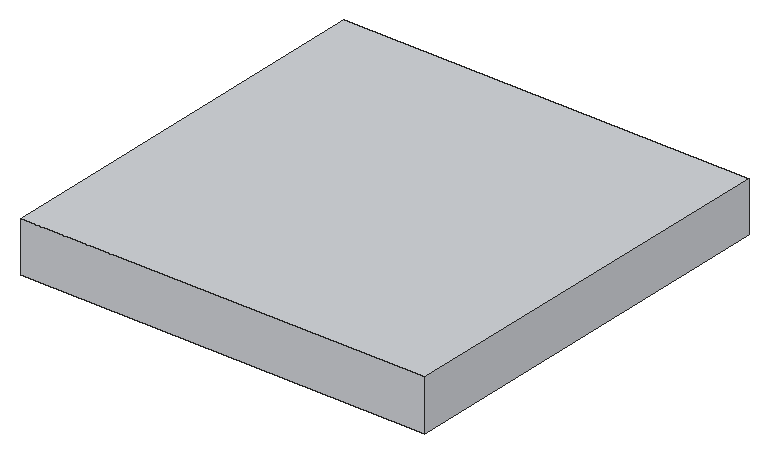
Revit family "e6630d471b334a4f9f972c9de2b518ea", category Lighting Fixtures, Revit 2021
Family settings
  Round Connector Dimension = Use Diameter
  Part Type = Normal
  OmniClass Number = 23.80.70.11.14.11
  OmniClass Title = Downlights
  Seek Item ID = Troffer Corner Insert-0000-USA-ENU
  Work Plane-Based = No
  Always vertical = Yes
  Cut with Voids When Loaded = No
  Light Source = Yes
  Shared = No
  Room Calculation Point = No
Parameters (values of type "4x4 8Lamp")
  Width = 4' - 0"
  Wattage Comments = ""
  Wattage = 256 W
  built-in parameter 1150110 = 1 (stored number, unit not read)
  built-in parameter 1150109 = 1 (stored number, unit not read)
  built-in parameter 1150134 = 8
  built-in parameter 1150113 = 1 (stored number, unit not read)
  Tilt Angle = 90.00°
  Lumens = 23201.3 lm
  built-in parameter 1114217 = 0.88 (stored number, unit not read)
  built-in parameter 1150115 = 1 (stored number, unit not read)
  built-in parameter 1150105 = 1846.3 (stored number, unit not read)
  Load Classification = Lighting - Dwelling Unit
  built-in parameter 1150137 = 1
  built-in parameter 1150139 = (empty or 0)
  Length = 4' - 0"
  built-in parameter 1150112 = 1 (stored number, unit not read)
  built-in parameter 1150114 = 1 (stored number, unit not read)
  Lamp = "T8"
  Photometric Web File = "4x4 8Lamp.ies"
  built-in parameter 1150132 = (empty or 0)
  built-in parameter 1150102 = (empty or 0)
  built-in parameter 1150138 = (empty or 0)
  built-in parameter 1150107 = 4230 (stored number, unit not read)
  built-in parameter 1150106 = 18.463 (stored number, unit not read)
  Emit from Rectangle Width = Width  # 4' - 0"
  Emit from Rectangle Length = Length  # 4' - 0"
  Emit Shape Visible in Rendering = no
  built-in parameter 1150104 = 8.4198 (stored number, unit not read)
  Dimming Lamp Color Temperature Shift = <None>
  Depth = 0' - 6"
  Default Elevation = 0' - 0"
  Color Filter = 16777215
  built-in parameter 1140040 [instance] = 1
  built-in parameter 1114218 = 0.88 (stored number, unit not read)
  built-in parameter 1150133 = 10 (stored number, unit not read)
  Apparent Load = 256 VA
Types (10): name | Width | Wattage | Lumens | built-in parameter 1114217 | built-in parameter 1150105 | Length | Lamp | Photometric Web File | built-in parameter 1150106 | Emit from Rectangle Width | Emit from Rectangle Length | built-in parameter 1150104 | built-in parameter 1114218 | Apparent Load
  (no name) | 4' - 0" | 256 W | 23201.3 lm | 0.88 (stored number, unit not read) | 1846.3 (stored number, unit not read) | 4' - 0" | "T8" | "4x4 8Lamp.ies" | 18.463 (stored number, unit not read) | 4' - 0" | 4' - 0" | 8.4198 (stored number, unit not read) | 0.88 (stored number, unit not read) | 256 VA
  1x4 2Lamp | 1' - 0" | 80 W | 6300 lm | 0.88 (stored number, unit not read) | 501.34 (stored number, unit not read) | 4' - 0" | "T8" | "1x4 2Lamp.ies" | 5.0134 (stored number, unit not read) | 1' - 0" | 4' - 0" | 7.3161 (stored number, unit not read) | 0.88 (stored number, unit not read) | 80 VA
  1x4 3Lamp | 1' - 0" | 120 W | 9450 lm | 0.88 (stored number, unit not read) | 752.01 (stored number, unit not read) | 4' - 0" | "T12" | "1x4 3Lamp.ies" | 7.5201 (stored number, unit not read) | 1' - 0" | 4' - 0" | 7.3161 (stored number, unit not read) | 0.88 (stored number, unit not read) | 120 VA
  2x2 2Lamp | 2' - 0" | 62 W | 5199.94 lm | 0.86 (stored number, unit not read) | 413.8 (stored number, unit not read) | 2' - 0" | "T8" | "2x2 2Lamp.ies" | 4.138 (stored number, unit not read) | 2' - 0" | 2' - 0" | 7.7918 (stored number, unit not read) | 0.86 (stored number, unit not read) | 62 VA
  2x2 3Lamp | 2' - 0" | 93 W | 8399.76 lm | 0.87 (stored number, unit not read) | 668.43 (stored number, unit not read) | 2' - 0" | "T8" | "2x2 3Lamp.ies" | 6.6843 (stored number, unit not read) | 2' - 0" | 2' - 0" | 8.391 (stored number, unit not read) | 0.87 (stored number, unit not read) | 93 VA
  2x4 2Lamp | 2' - 0" | 80 W | 6300 lm | 0.88 (stored number, unit not read) | 501.34 (stored number, unit not read) | 4' - 0" | "T12" | "2x4 2Lamp.ies" | 5.0134 (stored number, unit not read) | 2' - 0" | 4' - 0" | 7.3161 (stored number, unit not read) | 0.88 (stored number, unit not read) | 80 VA
  2x4 3Lamp | 2' - 0" | 96 W | 8549.76 lm | 0.87 (stored number, unit not read) | 680.37 (stored number, unit not read) | 4' - 0" | "T8" | "2x4 3Lamp.ies" | 6.8037 (stored number, unit not read) | 2' - 0" | 4' - 0" | 8.2739 (stored number, unit not read) | 0.87 (stored number, unit not read) | 96 VA
  2x4 4Lamp | 2' - 0" | 160 W | 12600 lm | 0.88 (stored number, unit not read) | 1002.7 (stored number, unit not read) | 4' - 0" | "T12" | "2x4 4Lamp.ies" | 10.027 (stored number, unit not read) | 2' - 0" | 4' - 0" | 7.3161 (stored number, unit not read) | 0.88 (stored number, unit not read) | 160 VA
  4x4 8Lamp | 4' - 0" | 256 W | 23201.3 lm | 0.88 (stored number, unit not read) | 1846.3 (stored number, unit not read) | 4' - 0" | "T8" | "4x4 8Lamp.ies" | 18.463 (stored number, unit not read) | 4' - 0" | 4' - 0" | 8.4198 (stored number, unit not read) | 0.88 (stored number, unit not read) | 256 VA
  20x4 2Lamp | 1' - 8" | 80 W | 6300 lm | 0.88 (stored number, unit not read) | 501.34 (stored number, unit not read) | 4' - 0" | "T12" | "20x4 2Lamp.ies" | 5.0134 (stored number, unit not read) | 1' - 8" | 4' - 0" | 7.3161 (stored number, unit not read) | 0.88 (stored number, unit not read) | 80 VA
Reference planes (in)
  plane 1 "Light Source Axis (F/B)": y = 0
  plane 2: z = 0
  plane 3 "Light Source Axis (L/R)": x = 0
  plane 4 "Light Source Elevation": z = 96
  plane 5: z = 102
  plane 6: x = -24
  plane 7: y = -24
  plane 8: y = 24
  plane 9: x = 24
Forms (in)
  Extrusion 1, solid
    sketch origin (0, 0, 0) x (1, 0, 0) y (0, 1, 0)
      loop
        line (-24, 24) -> (-24, -24) -> (24, -24) -> (24, 24) -> (-24, 24)
    from 96 to 102
Dimensions and locks (in)
  equal spacing: Extrusion 1 sketch curve, plane 3 "Light Source Axis (L/R)", Extrusion 1 sketch curve
  equal spacing: Extrusion 1 sketch curve, plane 1 "Light Source Axis (F/B)", Extrusion 1 sketch curve
  "Depth": plane 5 to plane 4 "Light Source Elevation"
  "Width": plane 8 to plane 7
  "Length": plane 6 to plane 9
  equal spacing: plane 8, plane 1 "Light Source Axis (F/B)", plane 7
  equal spacing: plane 6, plane 3 "Light Source Axis (L/R)", plane 9
  aligned and locked: plane 4 "Light Source Elevation" to Extrusion 1
  aligned and locked: plane 5 to Extrusion 1
  aligned and locked: Extrusion 1 sketch curve to plane 8
  aligned and locked: plane 9 to Extrusion 1 sketch curve
  aligned and locked: plane 3 "Light Source Axis (L/R)" to imposter light
  aligned and locked: imposter light to plane 1 "Light Source Axis (F/B)"
  aligned and locked: plane 4 "Light Source Elevation" to imposter light
Connectors (in)
  electrical at (0, 0, 102), driven by "Apparent Load", driven by "Load Classification"
    settings: on Extrusion 1, index 1, voltage 277 V, apparent load 0 VA, apparent load phase1 256 VA, apparent load phase2 0 VA, apparent load phase3 0 VA, power factor 0.95, load classification "Lighting - Dwelling Unit", number of poles 1, system type 31, power factor state 1, is connector primary yes, connector utility no, sub classification motor no, connector description ""
